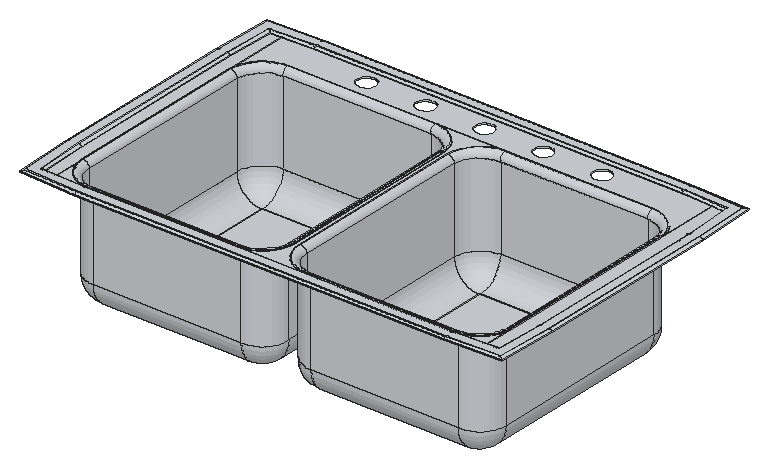
Revit family "LR3321", category Plumbing Fixtures, Revit 2019
Family settings
  Round Connector Dimension = Use Diameter
  Part Type = Normal
  OmniClass Number = 23.45.05.14.14
  OmniClass Title = Sinks/Lavatories
  Work Plane-Based = No
  Always vertical = Yes
  Cut with Voids When Loaded = No
  Shared = No
  Room Calculation Point = No
Parameters (values of type "LR33215")
  URL = "www.elkayusa.com"
  Specification Sheet URL = "http://www.elkayusa.com/cps/rde/xbcr/elkay/01-62H_LR(Q)_LRAD(Q)_Double_Bowl.pdf"
  Sink Width = 1' - 9 1/4"  # constant formula
  Sink Material = none
  Sink Length = 2' - 9"  # constant formula
  Sink Ledge Sides Width = 0' - 2 3/8"  # constant formula
  Sink Ledge Front Width = 0' - 1 1/2"  # constant formula
  Sink Ledge Back Width = 0' - 3 3/4"  # constant formula
  Sink Depth = 0' - 7 7/8"  # constant formula
  Sink Bowl Formula = ((Sink Length - Sink Ledge Sides Width - Sink Ledge Sides Width - Partition Width) / 2)  # 1' - 1 1/2"
  Partition Width = 0' - 1 1/4"  # constant formula
  Model = "LR3321"
  Minimum Cabinet Width = "36\""
  Manufacturer = "Elkay Manufacturing"
  Installation Sheet URL = "http://www.elkayusa.com/cps/rde/xbcr/elkay/74180147.pdf"
  Hole 5 Top = 0' - 2"
  Hole 4 Top = 0' - 2"
  Hole 3 Top = 0' - 2"
  Hole 2 Top = 0' - 2"
  Hole 1 to 6 = 1' - 6"
  Hole 1 to 8 = 2' - 0"
  Hole 1 to 7 = 1' - 9"
  Hole 1 to 5 = 1' - 4"
  Hole 1 to 4 = 1' - 0"
  Hole 1 to 3 = 0' - 8"
  Hole 1 to 2 = 0' - 4"
  Hole 1 from CL = 0' - 8"
  Hole 1 Top = 0' - 2"
  Faucet Hole CL = 0' - 2 1/8"  # constant formula
  Drain Location = 0' - 8"  # constant formula
  Description = "Lustertone Double Bowl Sink"
  Deep Specification Sheet URL = "http://www.elkayusa.com/cps/rde/xbcr/elkay/01-19G_DLR(Q)_Double_Bowl.pdf"
  Custom Bowl = no
  Custom Bowl Length = ((Sink Length - Sink Ledge Sides Width - Sink Ledge Sides Width - Partition Width) / 2) - CL Sink to CL Partition  # 1' - 1 1/2"
  CL Sink to CL Partition = 0' - 0"
  Bowl Length = ((Sink Length - Sink Ledge Sides Width - Sink Ledge Sides Width - Partition Width) / 2)  # 1' - 1 1/2"
  Left Bowl Length = if(Custom Bowl, Custom Bowl Length, Sink Bowl Formula)  # 1' - 1 1/2"
  2D Hole 5 = Hole 5 Top = 0' 2"  # yes
  2D Hole 4 = Hole 4 Top = 0' 2"  # yes
  2D Hole 3 = Hole 3 Top = 0' 2"  # yes
  2D Hole 2 = Hole 2 Top = 0' 2"  # yes
  2D Hole 1 = Hole 1 Top = 0' 2"  # yes
Types (6): name | Hole 5 Top | Hole 4 Top | Hole 3 Top | Hole 2 Top | Hole 1 to 5 | Hole 1 from CL | 2D Hole 5 | 2D Hole 4 | 2D Hole 3 | 2D Hole 2
  LR33215 | 0' - 2" | 0' - 2" | 0' - 2" | 0' - 2" | 1' - 4" | 0' - 8" | yes | yes | yes | yes
  LR33214 | 0' - 1 1/2" | 0' - 2" | 0' - 2" | 0' - 2" | 1' - 3" | 0' - 4" | no | yes | yes | yes
  LR33213 | 0' - 1 1/2" | 0' - 1 1/2" | 0' - 2" | 0' - 2" | 1' - 3" | 0' - 4" | no | no | yes | yes
  LR3321MR2 | 0' - 1 1/2" | 0' - 1 1/2" | 0' - 1 1/2" | 0' - 2" | 1' - 3" | 0' - 0" | no | no | no | yes
  LR33212 | 0' - 1 1/2" | 0' - 1 1/2" | 0' - 1 1/2" | 0' - 2" | 1' - 3" | 0' - 2" | no | no | no | yes
  LR33211 | 0' - 1 1/2" | 0' - 1 1/2" | 0' - 1 1/2" | 0' - 1 1/2" | 1' - 3" | 0' - 0" | no | no | no | no
Reference planes (in)
  plane 1 "CL Sink Hole": y = 0
  plane 2 "Rim Top Outside Corner": z = 0.0015695
  plane 3 "Center (Left/Right)": x = 0
  plane 4 "Basin Edge Left": x = -14.125
  plane 5 "Basin Edge Right": x = 14.125
  plane 6 "Basin Edge Back": y = 8
  plane 7 "Basin Edge Front": y = -8
  plane 8 "Left": x = -16.5
  plane 9 "Right": x = 16.5
  plane 10 "Back": y = 11.75
  plane 11 "Front": y = -9.5
  plane 12 "Sink Angle Back Corner": y = 11.5792275
  plane 13 "Sink Angle Right Corner": x = 16.3267866
  plane 14 "Sink Angle Right": x = 12.5172067
  plane 15 "Sink Angle Back": y = 7.4648437
  plane 16 "Sink Angle Left": x = -12.515625
  plane 17 "Sink Angle Left Corner": x = -16.328125
  plane 18 "Sink Angle Front Corner": y = -9.328125
  plane 19 "Sink Angle Front": y = -5.2148438
  plane 20 "Sink Top Face Back Edge": y = 10.7219509
  plane 21 "Sink Top Face Front Edge": y = -8.4726563
  plane 22 "Sink Top Face Right Edge": x = 14.5976563
  plane 23 "Sink Top Face Left Edge": x = -14.5976562
  plane 24 "Sink Bowl Bottom (Top Face)": z = -7.7695312
  plane 25 "Faucet CL": y = 9.625
  plane 26 "Sink Top Piece Top Face": z = -0.0194305
  plane 27 "Sink Top Piece Bottom Face": z = -0.0819305
  plane 28 "Left Sink Bottom Piece Right Edge": x = -2.3125
  plane 29 "Top Void for Radius Back Edge": y = 5.5
  plane 30 "back ledge void radius": y = 8.4921875
  plane 31 "front ledge void radius": y = -8.4921875
  plane 32 "Top Radius Corner Prot": z = -0.4405305
  plane 33: z = -6.0820312
  plane 34 "Sink Bowl Bottom (Bottom Face)": z = -7.8320312
  plane 35 "Left Sink Bottom Piece Left Edge": x = -12.4375
  plane 36 "Sink Bottom Piece Right Edge": x = 12.4375
  plane 37 "Sink Bottom Piece Back Edge": y = 6.3125
  plane 38 "Sink Bottom Piece Front Edge": y = -6.3125
  plane 39 "Top Void for Radius Front Edge": y = -5
  plane 40 "Sink Top Locked Edge Right": x = 15.5625
  plane 41 "Sink Top Locked Edge Left": x = -15.5625
  plane 42 "Hole 1": x = -8
  plane 43 "Hole 2": x = -4
  plane 44 "Hole 3": x = 0
  plane 45 "Hole 4": x = 4
  plane 46 "Hole 5": x = 8
  plane 47 "Faucet Hole Void Bottoms": z = -1.9984305
  plane 48 "Hole 1 Top": z = 0.0015695
  plane 49 "Hole 2 Top": z = 0.0015695
  plane 50 "Hole 3 Top": z = 0.0015695
  plane 51 "Hole 4 Top": z = 0.0015695
  plane 52 "Hole 5 Top": z = 0.0015695
  plane 53 "Top": z = 0.1054687
  plane 54 "Insertion Plan for Sink - Bottom Outside Corner of Rim": z = -0.0524008
  plane 55 "Center (Front/Back)": y = 0
  plane 56 "CL PARTITION": x = 0
  plane 57 "LEFT BOWL RIGHT EDGE": x = -0.625
  plane 58 "RIGHT BOWL LEFT EDGE": x = 0.625
  plane 59 "Sink Bottom Piece Left Edge": x = 2.3125
  plane 60 "Left Bowl CL Drain": x = -7.375
  plane 61 "Right Bowl CL Drain": x = 7.375
  plane 62 "Left Partition Left Edge": x = -0.1328125
  plane 63 "Left Partition Right Edge": x = 0.1328125
Forms (in)
  Sweep 1, solid, material <- "Sink Material"
    path origin (0, 0, 0) x (1, 0, 0) y (0, 1, 0)
      loop
        line (12.5172067, 11.75) -> (-12.515625, 11.75) -> (-16.328125, 11.5792275) -> (-16.5, 7.4648437) -> (-16.5, -5.2148438) -> (-16.328125, -9.328125) -> (-12.515625, -9.5) -> (12.5172067, -9.5) -> (16.3267866, -9.328125) -> (16.5, -5.2148438) -> (16.5, 7.4648437) -> (16.3267866, 11.5792275) -> (12.5172067, 11.75)
    profile "profile-elkay-sink-rim-1 : profile-elkay-sink-rim-1" origin (0.0007909, 11.75, 0) x (0, -1, 0) y (0, 0, 1)
      loop
        line (0, 0) -> (0, -0.0524008) -> (0.2039181, 0.0577989) -> (0.8052651, 0.0577989) -> (1.0074493, -0.0709913) -> (1.0074493, -0.0163327) -> (0.841093, 0.0896347)
        arc (0.841093, 0.0896347) -> (0.8176388, 0.1002604) -> (0.7921483, 0.1038992) r 0.091102
        line (0.7921483, 0.1038992) -> (0.2153023, 0.1038992)
        arc (0.2153023, 0.1038992) -> (0.1929626, 0.1011179) -> (0.1719868, 0.0929438) r 0.0911081
        line (0.1719868, 0.0929438) -> (0, 0)
  Extrusion 2, solid, material <- "Sink Material"
    sketch origin (0, 0, 0) x (1, 0, 0) y (0, 1, 0)
      loop
        line (-14.5976562, 10.7219509) -> (-14.5976562, 5.5) -> (14.5976563, 5.5) -> (14.5976563, 10.7219509) -> (-14.5976562, 10.7219509)
    from -0.0819305 to -0.0194305
  Extrusion 3, void
    sketch origin (0, 0, 0) x (1, 0, 0) y (0, 1, 0)
      loop
        line (14.5976563, 5.5) -> (14.5976563, 6.1441505)
        arc (14.5976563, 6.1441505) -> (13.9099321, 7.8044634) -> (12.2496193, 8.4921875) r 2.348037
        line (12.2496193, 8.4921875) -> (-12.25, 8.4921875)
        arc (-12.25, 8.4921875) -> (-13.9100437, 7.8045749) -> (-14.5976562, 6.1445312) r 2.3476562
        line (-14.5976562, 6.1445312) -> (-14.5976562, 5.5) -> (14.5976563, 5.5)
    from -0.7469965 to 0.495879
  Extrusion 4, solid, material <- "Sink Material"
    sketch origin (0, 0, 0) x (1, 0, 0) y (0, 1, 0)
      loop
        line (-14.5976562, -5.2148438) -> (-14.5976562, -8.4726563) -> (14.5976563, -8.4726563) -> (14.5976563, -5.2148438) -> (-14.5976562, -5.2148438)
    from -0.0819305 to -0.0194305
  Extrusion 5, void
    sketch origin (0, 0, 0) x (1, 0, 0) y (0, 1, 0)
      loop
        line (-14.5976562, -5) -> (-14.5976562, -6.2107599)
        arc (-14.5976562, -6.2107599) -> (-13.9294416, -7.8239728) -> (-12.3162287, -8.4921875) r 2.2814276
        line (-12.3162287, -8.4921875) -> (12.3164063, -8.4921875)
        arc (12.3164063, -8.4921875) -> (13.9294936, -7.8240248) -> (14.5976562, -6.2109375) r 2.28125
        line (14.5976562, -6.2109375) -> (14.5976563, -5) -> (-14.5976562, -5)
    from -1.9984305 to 0.6466859
  Extrusion 6, solid, material <- "Sink Material"
    sketch origin (0, 0, 0) x (1, 0, 0) y (0, 1, 0)
      loop
        line (-15.5625, 10.7219509) -> (-15.5625, -8.4726563) -> (-14.5976562, -8.4726563) -> (-14.5976562, 10.7219509) -> (-15.5625, 10.7219509)
    from -0.0819305 to -0.0194305
  Extrusion 7, solid, material <- "Sink Material"
    sketch origin (0, 0, 0) x (1, 0, 0) y (0, 1, 0)
      loop
        line (14.5976563, 10.7219509) -> (14.5976563, -8.4726563) -> (15.5625, -8.4726563) -> (15.5625, 10.7219509) -> (14.5976563, 10.7219509)
    from -0.0819305 to -0.0194305
  Sweep 8, solid, material <- "Sink Material"
    path origin (-14.75, 0, -0.0194305) x (-1, 0, 0) y (0, -1, 0)
      loop
        line (-12.375, -8) -> (-2.375, -8)
        arc (-2.375, -8) -> (-1.1375631, -7.4874369) -> (-0.625, -6.25) r 1.75
        line (-0.625, -6.25) -> (-0.625, 6.25)
        arc (-0.625, 6.25) -> (-1.1375631, 7.4874369) -> (-2.375, 8) r 1.75
        line (-2.375, 8) -> (-12.375, 8)
        arc (-12.375, 8) -> (-13.6124369, 7.4874369) -> (-14.125, 6.25) r 1.75
        line (-14.125, 6.25) -> (-14.125, -6.25)
        arc (-14.125, -6.25) -> (-13.6124369, -7.4874369) -> (-12.375, -8) r 1.75
    profile "profile-elkay-sink-top corner : profile-elkay-sink-top corner" origin (-7.375, 8, -0.0194305) x (0, -1, 0) y (0, 0, 1)
      loop
        line (-0.4204811, 0) -> (-0.4921875, 0) -> (-0.4921875, -0.0461) -> (-0.4204811, -0.0461)
        arc (-0.4204811, -0.0461) -> (-0.1553161, -0.155935) -> (-0.0454811, -0.4211) r 0.375
        line (-0.0454811, -0.4211) -> (0.0006189, -0.4211)
        arc (0.0006189, -0.4211) -> (-0.1227185, -0.1233373) -> (-0.4204811, 0) r 0.4211
  Sweep 9, solid, material <- "Sink Material"
    path origin (-14.75, 0, -7.7695312) x (-1, 0, 0) y (0, -1, 0)
      loop
        line (-0.625, -6.25) -> (-0.625, 6.25)
        arc (-0.625, 6.25) -> (-1.1375631, 7.4874369) -> (-2.375, 8) r 1.75
        line (-2.375, 8) -> (-12.375, 8)
        arc (-12.375, 8) -> (-13.6124369, 7.4874369) -> (-14.125, 6.25) r 1.75
        line (-14.125, 6.25) -> (-14.125, -6.25)
        arc (-14.125, -6.25) -> (-13.6124369, -7.4874369) -> (-12.375, -8) r 1.75
        line (-12.375, -8) -> (-2.375, -8)
        arc (-2.375, -8) -> (-1.1375631, -7.4874369) -> (-0.625, -6.25) r 1.75
    profile "profile-elkay-sink-btm-crnr_1-6875 : profile-elkay-sink-btm-crnr_1-6875" origin (-14.125, 0, -7.7695312) x (1, 0, 0) y (0, 0, 1)
      loop
        line (1.6875, -0.0625) -> (1.6875, 0)
        arc (1.6875, 0) -> (0.4942573, 0.4942573) -> (0, 1.6875) r 1.6875
        line (0, 1.6875) -> (-0.0625, 1.6875)
        arc (-0.0625, 1.6875) -> (0.4500631, 0.4500631) -> (1.6875, -0.0625) r 1.75
  Extrusion 10, solid, material <- "Sink Material"
    sketch origin (0, 0, 0) x (1, 0, 0) y (0, 1, 0)
      loop
        line (-12.4375, 6.3125) -> (-12.4375, -6.3125) -> (-2.3125, -6.3125) -> (-2.3125, 6.3125) -> (-12.4375, 6.3125)
    from -7.8320312 to -7.7695312
  Extrusion 11, solid, material <- "Sink Material"
    sketch origin (-14.75, 0, 0) x (1, 0, 0) y (0, 1, 0)
      loop
        arc (2.375, 8) -> (1.1375631, 7.4874369) -> (0.625, 6.25) r 1.75
        line (0.625, 6.25) -> (0.625, -6.25)
        arc (0.625, -6.25) -> (1.1375631, -7.4874369) -> (2.375, -8) r 1.75
        line (2.375, -8) -> (12.375, -8)
        arc (12.375, -8) -> (13.6124369, -7.4874369) -> (14.125, -6.25) r 1.75
        line (14.125, -6.25) -> (14.125, 6.25)
        arc (14.125, 6.25) -> (13.6124369, 7.4874369) -> (12.375, 8) r 1.75
        line (12.375, 8) -> (2.375, 8)
      loop
        arc (2.375, 8.0625) -> (1.093369, 7.531631) -> (0.5625, 6.25) r 1.8125
        line (0.5625, 6.25) -> (0.5625, -6.25)
        arc (0.5625, -6.25) -> (1.093369, -7.531631) -> (2.375, -8.0625) r 1.8125
        line (2.375, -8.0625) -> (12.375, -8.0625)
        arc (12.375, -8.0625) -> (13.656631, -7.531631) -> (14.1875, -6.25) r 1.8125
        line (14.1875, -6.25) -> (14.1875, 6.25)
        arc (14.1875, 6.25) -> (13.656631, 7.531631) -> (12.375, 8.0625) r 1.8125
        line (12.375, 8.0625) -> (2.375, 8.0625)
    from -6.0820312 to -0.4405305
  Extrusion 12, void
    sketch origin (0, 0, 0) x (1, 0, 0) y (0, 1, 0)
      loop
        circle (-7.375, 0) r 2.5
    from -7.8320312 to -5.8320312
  Sweep 13, solid, material <- "Sink Material"
    path origin (-14.75, 0, -7.7695312) x (-1, 0, 0) y (0, -1, 0)
      loop
        circle (-7.375, 0) r 2.501635
    profile "profile-elkay-sink-hole-1 : profile-elkay-sink-hole-1" origin (-7.375, -2.501635, -7.7695312) x (0, 1, 0) y (0, 0, 1)
      loop
        line (0.5785343, -0.3269365) -> (0.1564602, -0.1343744)
        arc (0.1564602, -0.1343744) -> (0.1424945, -0.125589) -> (0.1313144, -0.1134552) r 0.0625
        line (0.1313144, -0.1134552) -> (0.0881719, -0.0522605)
        arc (0.0881719, -0.0522605) -> (0.0506391, -0.015074) -> (0, 0) r 0.1086
        line (0, 0) -> (0, -0.0461763)
        arc (0, -0.0461763) -> (0.0262058, -0.0541921) -> (0.0464633, -0.0726482) r 0.0625
        line (0.0464633, -0.0726482) -> (0.093406, -0.1396891)
        arc (0.093406, -0.1396891) -> (0.1129384, -0.1609677) -> (0.1373891, -0.176345) r 0.1086
        line (0.1373891, -0.176345) -> (0.5785343, -0.3776079) -> (0.5785343, -0.3269365)
  Sweep 14, solid, material <- "Sink Material"
    path origin (14.75, 0, -0.0194305) x (-1, 0, 0) y (0, -1, 0)
      loop
        line (2.375, -8) -> (12.375, -8)
        arc (12.375, -8) -> (13.6124369, -7.4874369) -> (14.125, -6.25) r 1.75
        line (14.125, -6.25) -> (14.125, 6.25)
        arc (14.125, 6.25) -> (13.6124369, 7.4874369) -> (12.375, 8) r 1.75
        line (12.375, 8) -> (2.375, 8)
        arc (2.375, 8) -> (1.1375631, 7.4874369) -> (0.625, 6.25) r 1.75
        line (0.625, 6.25) -> (0.625, -6.25)
        arc (0.625, -6.25) -> (1.1375631, -7.4874369) -> (2.375, -8) r 1.75
    profile "profile-elkay-sink-top corner : profile-elkay-sink-top corner" origin (7.375, 8, -0.0194305) x (0, -1, 0) y (0, 0, 1)
      loop
        line (-0.4204811, 0) -> (-0.4921875, 0) -> (-0.4921875, -0.0461) -> (-0.4204811, -0.0461)
        arc (-0.4204811, -0.0461) -> (-0.1553161, -0.155935) -> (-0.0454811, -0.4211) r 0.375
        line (-0.0454811, -0.4211) -> (0.0006189, -0.4211)
        arc (0.0006189, -0.4211) -> (-0.1227185, -0.1233373) -> (-0.4204811, 0) r 0.4211
  Sweep 15, solid, material <- "Sink Material"
    path origin (14.75, 0, -7.7695312) x (-1, 0, 0) y (0, -1, 0)
      loop
        line (14.125, -6.25) -> (14.125, 6.25)
        arc (14.125, 6.25) -> (13.6124369, 7.4874369) -> (12.375, 8) r 1.75
        line (12.375, 8) -> (2.375, 8)
        arc (2.375, 8) -> (1.1375631, 7.4874369) -> (0.625, 6.25) r 1.75
        line (0.625, 6.25) -> (0.625, -6.25)
        arc (0.625, -6.25) -> (1.1375631, -7.4874369) -> (2.375, -8) r 1.75
        line (2.375, -8) -> (12.375, -8)
        arc (12.375, -8) -> (13.6124369, -7.4874369) -> (14.125, -6.25) r 1.75
    profile "profile-elkay-sink-btm-crnr_1-6875 : profile-elkay-sink-btm-crnr_1-6875" origin (0.625, 0, -7.7695312) x (1, 0, 0) y (0, 0, 1)
      loop
        line (1.6875, -0.0625) -> (1.6875, 0)
        arc (1.6875, 0) -> (0.4942573, 0.4942573) -> (0, 1.6875) r 1.6875
        line (0, 1.6875) -> (-0.0625, 1.6875)
        arc (-0.0625, 1.6875) -> (0.4500631, 0.4500631) -> (1.6875, -0.0625) r 1.75
  Extrusion 16, solid, material <- "Sink Material"
    sketch origin (14.75, 0, 0) x (1, 0, 0) y (0, 1, 0)
      loop
        arc (-12.375, 8) -> (-13.6124369, 7.4874369) -> (-14.125, 6.25) r 1.75
        line (-14.125, 6.25) -> (-14.125, -6.25)
        arc (-14.125, -6.25) -> (-13.6124369, -7.4874369) -> (-12.375, -8) r 1.75
        line (-12.375, -8) -> (-2.375, -8)
        arc (-2.375, -8) -> (-1.1375631, -7.4874369) -> (-0.625, -6.25) r 1.75
        line (-0.625, -6.25) -> (-0.625, 6.25)
        arc (-0.625, 6.25) -> (-1.1375631, 7.4874369) -> (-2.375, 8) r 1.75
        line (-2.375, 8) -> (-12.375, 8)
      loop
        arc (-12.375, 8.0625) -> (-13.656631, 7.531631) -> (-14.1875, 6.25) r 1.8125
        line (-14.1875, 6.25) -> (-14.1875, -6.25)
        arc (-14.1875, -6.25) -> (-13.656631, -7.531631) -> (-12.375, -8.0625) r 1.8125
        line (-12.375, -8.0625) -> (-2.375, -8.0625)
        arc (-2.375, -8.0625) -> (-1.093369, -7.531631) -> (-0.5625, -6.25) r 1.8125
        line (-0.5625, -6.25) -> (-0.5625, 6.25)
        arc (-0.5625, 6.25) -> (-1.093369, 7.531631) -> (-2.375, 8.0625) r 1.8125
        line (-2.375, 8.0625) -> (-12.375, 8.0625)
    from -6.0820312 to -0.4405305
  Extrusion 17, solid, material <- "Sink Material"
    sketch origin (0, 0, 0) x (1, 0, 0) y (0, 1, 0)
      loop
        line (2.3125, 6.3125) -> (2.3125, -6.3125) -> (12.4375, -6.3125) -> (12.4375, 6.3125) -> (2.3125, 6.3125)
    from -7.8320312 to -7.7695312
  Extrusion 18, void
    sketch origin (0, 0, 0) x (1, 0, 0) y (0, 1, 0)
      loop
        circle (7.375, 0) r 2.5
    from -7.8320312 to -6.0820312
  Sweep 19, solid, material <- "Sink Material"
    path origin (14.75, 0, -7.7695312) x (-1, 0, 0) y (0, -1, 0)
      loop
        circle (7.375, 0) r 2.501635
    profile "profile-elkay-sink-hole-1 : profile-elkay-sink-hole-1" origin (7.375, -2.501635, -7.7695312) x (0, 1, 0) y (0, 0, 1)
      loop
        line (0.5785343, -0.3269365) -> (0.1564602, -0.1343744)
        arc (0.1564602, -0.1343744) -> (0.1424945, -0.125589) -> (0.1313144, -0.1134552) r 0.0625
        line (0.1313144, -0.1134552) -> (0.0881719, -0.0522605)
        arc (0.0881719, -0.0522605) -> (0.0506391, -0.015074) -> (0, 0) r 0.1086
        line (0, 0) -> (0, -0.0461763)
        arc (0, -0.0461763) -> (0.0262058, -0.0541921) -> (0.0464633, -0.0726482) r 0.0625
        line (0.0464633, -0.0726482) -> (0.093406, -0.1396891)
        arc (0.093406, -0.1396891) -> (0.1129384, -0.1609677) -> (0.1373891, -0.176345) r 0.1086
        line (0.1373891, -0.176345) -> (0.5785343, -0.3776079) -> (0.5785343, -0.3269365)
  Extrusion 20, void
    sketch origin (0, 0, 0) x (1, 0, 0) y (0, 1, 0)
      loop
        circle (-8, 9.625) r 0.625
    from -1.9984305 to 0.0015695
  Extrusion 21, void
    sketch origin (0, 0, 0) x (1, 0, 0) y (0, 1, 0)
      loop
        circle (-4, 9.625) r 0.625
    from -1.9984305 to 0.0015695
  Extrusion 22, void
    sketch origin (0, 0, 0) x (1, 0, 0) y (0, 1, 0)
      loop
        circle (0, 9.625) r 0.625
    from -1.9984305 to 0.0015695
  Extrusion 23, void
    sketch origin (0, 0, 0) x (1, 0, 0) y (0, 1, 0)
      loop
        circle (4, 9.625) r 0.625
    from -1.9984305 to 0.0015695
  Extrusion 24, void
    sketch origin (0, 0, 0) x (1, 0, 0) y (0, 1, 0)
      loop
        circle (8, 9.625) r 0.625
    from -1.9984305 to 0.0015695
  Extrusion 25, solid, material <- "Sink Material"
    sketch origin (0, 0, 0) x (1, 0, 0) y (0, 1, 0)
      loop
        arc (-2.375, 8.4921875) -> (-0.789534, 7.835466) -> (-0.1328125, 6.25) r 2.2421875
        line (-0.1328125, 6.25) -> (-0.1328125, -6.25)
        arc (-0.1328125, -6.25) -> (-0.789534, -7.835466) -> (-2.375, -8.4921875) r 2.2421875
        line (-2.375, -8.4921875) -> (2.375, -8.4921875)
        arc (2.375, -8.4921875) -> (0.789534, -7.835466) -> (0.1328125, -6.25) r 2.2421875
        line (0.1328125, -6.25) -> (0.1328125, 6.25)
        arc (0.1328125, 6.25) -> (0.789534, 7.835466) -> (2.375, 8.4921875) r 2.2421875
        line (2.375, 8.4921875) -> (-2.375, 8.4921875)
    from -0.0819305 to -0.0194305
Cuts and joins
  Extrusion 3, Extrusion 12, Extrusion 18, Extrusion 20, Extrusion 21, Extrusion 22, Extrusion 23, Extrusion 24 cuts Sweep 1
  Extrusion 3, Extrusion 20, Extrusion 21, Extrusion 22, Extrusion 23, Extrusion 24 cuts Extrusion 2
  Extrusion 5 cuts Extrusion 4
  Extrusion 12 cuts Extrusion 10
  Extrusion 18 cuts Extrusion 17
Lines and regions (in)
  reference lines
    curve 1: line (12.5172067, 11.75, 0) -> (16.3267866, 11.5792275, 0)
    curve 2: line (16.3267866, 11.5792275, 0) -> (16.5, 7.4648437, 0)
    curve 3: line (-12.515625, 11.75, 0) -> (-16.328125, 11.5792275, 0)
    curve 4: line (-16.328125, 11.5792275, 0) -> (-16.5, 7.4648437, 0)
    curve 5: line (-16.5, -5.2148438, 0) -> (-16.328125, -9.328125, 0)
    curve 6: line (-16.328125, -9.328125, 0) -> (-12.515625, -9.5, 0)
    curve 7: line (16.5, -5.2148438, 0) -> (16.3267866, -9.328125, 0)
    curve 8: line (16.3267866, -9.328125, 0) -> (12.5172067, -9.5, 0)
Dimensions and locks (in)
  "Sink Ledge Sides Width": plane 8 "Left" to plane 4 "Basin Edge Left"
  "Sink Ledge Sides Width": plane 5 "Basin Edge Right" to plane 9 "Right"
  "Sink Length": plane 8 "Left" to plane 9 "Right"
  "Drain Location": plane 6 "Basin Edge Back" to plane 1 "CL Sink Hole"
  "Sink Ledge Back Width": plane 10 "Back" to plane 6 "Basin Edge Back"
  "Sink Ledge Front Width": plane 7 "Basin Edge Front" to plane 11 "Front"
  locked: plane 13 "Sink Angle Right Corner" to plane 9 "Right" at 0.1732134
  locked: plane 10 "Back" to plane 12 "Sink Angle Back Corner" at 0.1707725
  locked: plane 14 "Sink Angle Right" to plane 9 "Right" at 3.9827933
  locked: plane 10 "Back" to plane 15 "Sink Angle Back" at 4.2851562
  locked: plane 8 "Left" to plane 17 "Sink Angle Left Corner" at 0.171875
  locked: plane 8 "Left" to plane 16 "Sink Angle Left" at 3.984375
  locked: plane 18 "Sink Angle Front Corner" to plane 11 "Front" at 0.171875
  locked: plane 19 "Sink Angle Front" to plane 11 "Front" at 4.2851562
  "Sink Width": plane 10 "Back" to plane 11 "Front"
  locked: plane 10 "Back" to plane 20 "Sink Top Face Back Edge" at 1.0280491
  locked: plane 21 "Sink Top Face Front Edge" to plane 11 "Front" at 1.0273438
  locked: plane 23 "Sink Top Face Left Edge" to plane 4 "Basin Edge Left" at 0.4726562
  "Sink Depth": plane 53 "Top" to plane 24 "Sink Bowl Bottom (Top Face)"
  "Faucet Hole CL": plane 10 "Back" to plane 25 "Faucet CL"
  locked: plane 2 "Rim Top Outside Corner" to plane 26 "Sink Top Piece Top Face" at 0.021
  locked: plane 26 "Sink Top Piece Top Face" to plane 27 "Sink Top Piece Bottom Face" at 0.0625
  locked: plane 6 "Basin Edge Back" to plane 29 "Top Void for Radius Back Edge" at 2.5
  locked: plane 30 "back ledge void radius" to plane 29 "Top Void for Radius Back Edge" at 2.9921875
  locked: plane 39 "Top Void for Radius Front Edge" to plane 31 "front ledge void radius" at 3.4921875
  locked: plane 2 "Rim Top Outside Corner" to plane 32 "Top Radius Corner Prot" at 0.4421
  locked: plane 33 to plane 24 "Sink Bowl Bottom (Top Face)" at 1.6875
  locked: plane 24 "Sink Bowl Bottom (Top Face)" to plane 34 "Sink Bowl Bottom (Bottom Face)" at 0.0625
  locked: plane 38 "Sink Bottom Piece Front Edge" to plane 7 "Basin Edge Front" at 1.6875
  locked: plane 4 "Basin Edge Left" to plane 35 "Left Sink Bottom Piece Left Edge" at 1.6875
  locked: plane 36 "Sink Bottom Piece Right Edge" to plane 5 "Basin Edge Right" at 1.6875
  locked: plane 6 "Basin Edge Back" to plane 37 "Sink Bottom Piece Back Edge" at 1.6875
  locked: plane 39 "Top Void for Radius Front Edge" to plane 7 "Basin Edge Front" at 3
  locked: plane 5 "Basin Edge Right" to plane 22 "Sink Top Face Right Edge" at 0.4726562
  locked: Extrusion 3 sketch curve to plane 5 "Basin Edge Right" at 1.8753807
  locked: plane 6 "Basin Edge Back" to Extrusion 3 sketch curve at 1.8558495
  locked: plane 4 "Basin Edge Left" to Extrusion 3 sketch curve at 1.875
  locked: plane 6 "Basin Edge Back" to Extrusion 3 sketch curve at 1.8554688
  locked: plane 4 "Basin Edge Left" to Extrusion 5 sketch curve at 1.8087713
  locked: Extrusion 5 sketch curve to plane 5 "Basin Edge Right" at 1.8085938
  locked: Extrusion 5 sketch curve to plane 7 "Basin Edge Front" at 1.7892401
  locked: Extrusion 5 sketch curve to plane 7 "Basin Edge Front" at 1.7890625
  locked: plane 40 "Sink Top Locked Edge Right" to plane 9 "Right" at 0.9375
  locked: plane 8 "Left" to plane 41 "Sink Top Locked Edge Left" at 0.9375
  "Hole 1 from CL": plane 42 "Hole 1" to plane 3 "Center (Left/Right)"
  "Hole 1 to 2": plane 42 "Hole 1" to plane 43 "Hole 2"
  "Hole 1 to 3": plane 42 "Hole 1" to plane 44 "Hole 3"
  "Hole 1 to 4": plane 42 "Hole 1" to plane 45 "Hole 4"
  "Hole 1 to 5": plane 42 "Hole 1" to plane 46 "Hole 5"
  locked: plane 2 "Rim Top Outside Corner" to plane 47 "Faucet Hole Void Bottoms" at 2
  "Hole 1 Top": plane 48 "Hole 1 Top" to plane 47 "Faucet Hole Void Bottoms"
  "Hole 2 Top": plane 49 "Hole 2 Top" to plane 47 "Faucet Hole Void Bottoms"
  "Hole 3 Top": plane 50 "Hole 3 Top" to plane 47 "Faucet Hole Void Bottoms"
  "Hole 4 Top": plane 51 "Hole 4 Top" to plane 47 "Faucet Hole Void Bottoms"
  "Hole 5 Top": plane 52 "Hole 5 Top" to plane 47 "Faucet Hole Void Bottoms"
  locked: plane 53 "Top" to plane 2 "Rim Top Outside Corner" at 0.1038992
  locked: plane 53 "Top" to plane 54 "Insertion Plan for Sink - Bottom Outside Corner of Rim" at 0.1578695
  equal spacing: plane 6 "Basin Edge Back", plane 55 "Center (Front/Back)", plane 7 "Basin Edge Front"
  locked: plane 28 "Left Sink Bottom Piece Right Edge" to plane 57 "LEFT BOWL RIGHT EDGE" at 1.6875
  locked: plane 58 "RIGHT BOWL LEFT EDGE" to plane 59 "Sink Bottom Piece Left Edge" at 1.6875
  locked: plane 6 "Basin Edge Back" to Sweep 8 sketch curve at 1.75  (x2)
  locked: plane 4 "Basin Edge Left" to Sweep 8 sketch curve at 1.75  (x2)
  locked: Sweep 8 sketch curve to plane 57 "LEFT BOWL RIGHT EDGE" at 1.75  (x2)
  locked: Sweep 8 sketch curve to plane 7 "Basin Edge Front" at 1.75  (x2)
  equal spacing: plane 8 "Left", plane 3 "Center (Left/Right)", plane 9 "Right"
  equal spacing: plane 4 "Basin Edge Left", plane 60 "Left Bowl CL Drain", plane 57 "LEFT BOWL RIGHT EDGE"
  equal spacing: plane 58 "RIGHT BOWL LEFT EDGE", plane 61 "Right Bowl CL Drain", plane 5 "Basin Edge Right"
  locked: plane 4 "Basin Edge Left" to Sweep 9 sketch curve at 1.75  (x2)
  locked: Sweep 9 sketch curve to plane 57 "LEFT BOWL RIGHT EDGE" at 1.75  (x2)
  locked: plane 6 "Basin Edge Back" to Sweep 9 sketch curve at 1.75  (x2)
  locked: Sweep 9 sketch curve to plane 7 "Basin Edge Front" at 1.75  (x2)
  locked: plane 6 "Basin Edge Back" to Extrusion 11 sketch curve at 1.75  (x2)
  locked: plane 4 "Basin Edge Left" to Extrusion 11 sketch curve at 1.75  (x2)
  locked: Extrusion 11 sketch curve to plane 57 "LEFT BOWL RIGHT EDGE" at 1.75  (x2)
  locked: Extrusion 11 sketch curve to plane 7 "Basin Edge Front" at 1.75  (x2)
  locked: plane 58 "RIGHT BOWL LEFT EDGE" to Sweep 14 sketch curve at 1.75  (x2)
  locked: Sweep 14 sketch curve to plane 5 "Basin Edge Right" at 1.75  (x2)
  locked: plane 6 "Basin Edge Back" to Sweep 14 sketch curve at 1.75  (x2)
  locked: Sweep 14 sketch curve to plane 7 "Basin Edge Front" at 1.75  (x2)
  locked: Sweep 15 sketch curve to plane 5 "Basin Edge Right" at 1.75  (x2)
  locked: Sweep 15 sketch curve to plane 7 "Basin Edge Front" at 1.75  (x2)
  locked: plane 58 "RIGHT BOWL LEFT EDGE" to Sweep 15 sketch curve at 1.75  (x2)
  locked: plane 6 "Basin Edge Back" to Sweep 15 sketch curve at 1.75  (x2)
  locked: plane 58 "RIGHT BOWL LEFT EDGE" to Extrusion 16 sketch curve at 1.75  (x2)
  locked: Extrusion 16 sketch curve to plane 5 "Basin Edge Right" at 1.75  (x2)
  locked: Extrusion 16 sketch curve to plane 7 "Basin Edge Front" at 1.75  (x2)
  locked: plane 6 "Basin Edge Back" to Extrusion 16 sketch curve at 1.75  (x2)
  plane 8 "Left" to plane 42 "Hole 1" = 0' - 8 1/2"
  locked: Extrusion 25 sketch curve to plane 57 "LEFT BOWL RIGHT EDGE" at 1.75  (x2)
  locked: plane 6 "Basin Edge Back" to Extrusion 25 sketch curve at 1.75  (x2)
  locked: Extrusion 25 sketch curve to plane 31 "front ledge void radius" at 2.2421875  (x2)
  plane 62 "Left Partition Left Edge" to plane 56 "CL PARTITION" to plane 63 "Left Partition Right Edge" = 0' - 0 17/128" locked, 0' - 0 17/128" locked
  "CL Sink to CL Partition": plane 56 "CL PARTITION" to plane 3 "Center (Left/Right)"
  "Partition Width": plane 57 "LEFT BOWL RIGHT EDGE" to plane 58 "RIGHT BOWL LEFT EDGE"
  equal spacing: plane 57 "LEFT BOWL RIGHT EDGE", plane 56 "CL PARTITION", plane 58 "RIGHT BOWL LEFT EDGE"
  locked: plane 58 "RIGHT BOWL LEFT EDGE" to Extrusion 25 sketch curve at 1.75  (x2)
  aligned and locked: plane 9 "Right" to Sweep 1 sketch curve
  aligned and locked: plane 10 "Back" to Sweep 1 sketch curve
  aligned and locked: Sweep 1 sketch curve to plane 8 "Left"
  aligned and locked: Sweep 1 sketch curve to plane 11 "Front"
  aligned and locked: Sweep 1 sketch curve to curve 7
  aligned and locked: Sweep 1 sketch curve to curve 8
  aligned and locked: Sweep 1 sketch curve to curve 6
  aligned and locked: Sweep 1 sketch curve to curve 5
  aligned and locked: Sweep 1 sketch curve to curve 4
  aligned and locked: Sweep 1 sketch curve to curve 3
  aligned and locked: Sweep 1 sketch curve to curve 1
  aligned and locked: Sweep 1 sketch curve to curve 2
  aligned and locked: plane 29 "Top Void for Radius Back Edge" to Extrusion 2 sketch curve
  aligned and locked: plane 23 "Sink Top Face Left Edge" to Extrusion 2 sketch curve
  aligned and locked: Extrusion 2 sketch curve to plane 22 "Sink Top Face Right Edge"
  aligned and locked: Extrusion 2 sketch curve to plane 20 "Sink Top Face Back Edge"
  aligned and locked: Extrusion 2 to plane 27 "Sink Top Piece Bottom Face"
  aligned and locked: plane 23 "Sink Top Face Left Edge" to Extrusion 3 sketch curve
  aligned and locked: Extrusion 3 sketch curve to plane 22 "Sink Top Face Right Edge"
  aligned and locked: plane 29 "Top Void for Radius Back Edge" to Extrusion 3 sketch curve
  aligned and locked: plane 26 "Sink Top Piece Top Face" to Extrusion 2
  aligned and locked: Extrusion 3 sketch curve to plane 30 "back ledge void radius"
  aligned and locked: plane 23 "Sink Top Face Left Edge" to Extrusion 4 sketch curve
  aligned and locked: Extrusion 4 sketch curve to plane 19 "Sink Angle Front"
  aligned and locked: plane 21 "Sink Top Face Front Edge" to Extrusion 4 sketch curve
  aligned and locked: Extrusion 4 sketch curve to plane 22 "Sink Top Face Right Edge"
  aligned and locked: plane 26 "Sink Top Piece Top Face" to Extrusion 4
  aligned and locked: Extrusion 4 to plane 27 "Sink Top Piece Bottom Face"
  aligned and locked: Extrusion 5 sketch curve to plane 22 "Sink Top Face Right Edge"
  aligned and locked: plane 23 "Sink Top Face Left Edge" to Extrusion 5 sketch curve
  aligned and locked: plane 31 "front ledge void radius" to Extrusion 5 sketch curve
  aligned and locked: Extrusion 5 sketch curve to plane 39 "Top Void for Radius Front Edge"
  aligned and locked: plane 41 "Sink Top Locked Edge Left" to Extrusion 6 sketch curve
  aligned and locked: Extrusion 6 sketch curve to plane 23 "Sink Top Face Left Edge"
  aligned and locked: Extrusion 6 to plane 27 "Sink Top Piece Bottom Face"
  aligned and locked: plane 26 "Sink Top Piece Top Face" to Extrusion 6
  aligned and locked: plane 20 "Sink Top Face Back Edge" to Extrusion 6
  aligned and locked: Extrusion 6 to plane 21 "Sink Top Face Front Edge"
  aligned and locked: Extrusion 7 sketch curve to plane 20 "Sink Top Face Back Edge"
  aligned and locked: plane 22 "Sink Top Face Right Edge" to Extrusion 7 sketch curve
  aligned and locked: plane 21 "Sink Top Face Front Edge" to Extrusion 7 sketch curve
  aligned and locked: plane 40 "Sink Top Locked Edge Right" to Extrusion 7 sketch curve
  aligned and locked: plane 27 "Sink Top Piece Bottom Face" to Extrusion 7
  aligned and locked: plane 26 "Sink Top Piece Top Face" to Extrusion 7
  aligned and locked: Extrusion 5 to plane 47 "Faucet Hole Void Bottoms"
  aligned and locked: Sweep 8 sketch curve to plane 4 "Basin Edge Left"
  aligned and locked: Sweep 8 sketch curve to plane 57 "LEFT BOWL RIGHT EDGE"
  aligned and locked: Sweep 9 sketch curve to plane 57 "LEFT BOWL RIGHT EDGE"
  aligned and locked: Sweep 9 sketch curve to plane 6 "Basin Edge Back"
  aligned and locked: Sweep 9 sketch curve to plane 7 "Basin Edge Front"
  aligned and locked: plane 35 "Left Sink Bottom Piece Left Edge" to Extrusion 10 sketch curve
  aligned and locked: Extrusion 10 sketch curve to plane 28 "Left Sink Bottom Piece Right Edge"
  aligned and locked: plane 38 "Sink Bottom Piece Front Edge" to Extrusion 10 sketch curve
  aligned and locked: Extrusion 10 sketch curve to plane 37 "Sink Bottom Piece Back Edge"
  aligned and locked: Extrusion 10 to plane 34 "Sink Bowl Bottom (Bottom Face)"
  aligned and locked: plane 24 "Sink Bowl Bottom (Top Face)" to Extrusion 10
  aligned and locked: plane 4 "Basin Edge Left" to Extrusion 11 sketch curve
  aligned and locked: plane 7 "Basin Edge Front" to Extrusion 11 sketch curve
  aligned and locked: Extrusion 11 sketch curve to plane 57 "LEFT BOWL RIGHT EDGE"
  aligned and locked: Extrusion 11 sketch curve to plane 6 "Basin Edge Back"
  aligned and locked: plane 32 "Top Radius Corner Prot" to Extrusion 11
  aligned and locked: Extrusion 12 to plane 34 "Sink Bowl Bottom (Bottom Face)"
  aligned and locked: Sweep 14 sketch curve to plane 7 "Basin Edge Front"
  aligned and locked: Sweep 14 sketch curve to plane 5 "Basin Edge Right"
  aligned and locked: Sweep 14 sketch curve to plane 58 "RIGHT BOWL LEFT EDGE"
  aligned and locked: Sweep 15 sketch curve to plane 58 "RIGHT BOWL LEFT EDGE"
  aligned and locked: Sweep 15 sketch curve to plane 5 "Basin Edge Right"
  aligned and locked: Sweep 15 sketch curve to plane 7 "Basin Edge Front"
  aligned and locked: plane 32 "Top Radius Corner Prot" to Extrusion 16
  aligned and locked: plane 59 "Sink Bottom Piece Left Edge" to Extrusion 17 sketch curve
  aligned and locked: Extrusion 17 sketch curve to plane 36 "Sink Bottom Piece Right Edge"
  aligned and locked: plane 38 "Sink Bottom Piece Front Edge" to Extrusion 17 sketch curve
  aligned and locked: Extrusion 17 sketch curve to plane 37 "Sink Bottom Piece Back Edge"
  aligned: Extrusion 17 to plane 24 "Sink Bowl Bottom (Top Face)"
  aligned and locked: Extrusion 17 to plane 34 "Sink Bowl Bottom (Bottom Face)"
  aligned and locked: plane 24 "Sink Bowl Bottom (Top Face)" to Extrusion 17
  aligned and locked: Extrusion 18 to plane 34 "Sink Bowl Bottom (Bottom Face)"
  aligned and locked: plane 33 to Extrusion 18
  aligned and locked: plane 58 "RIGHT BOWL LEFT EDGE" to Extrusion 16 sketch curve
  aligned and locked: Extrusion 20 to plane 47 "Faucet Hole Void Bottoms"
  aligned and locked: Extrusion 21 to plane 47 "Faucet Hole Void Bottoms"
  aligned and locked: Extrusion 22 to plane 47 "Faucet Hole Void Bottoms"
  aligned and locked: Extrusion 23 to plane 47 "Faucet Hole Void Bottoms"
  aligned and locked: Extrusion 24 to plane 47 "Faucet Hole Void Bottoms"
  aligned and locked: Extrusion 20 to plane 48 "Hole 1 Top"
  aligned and locked: Extrusion 21 to plane 49 "Hole 2 Top"
  aligned and locked: Extrusion 22 to plane 50 "Hole 3 Top"
  aligned and locked: Extrusion 23 to plane 51 "Hole 4 Top"
  aligned and locked: plane 52 "Hole 5 Top" to Extrusion 24
  aligned and locked: plane 30 "back ledge void radius" to Extrusion 25 sketch curve
  aligned and locked: plane 31 "front ledge void radius" to Extrusion 25 sketch curve
  aligned and locked: Extrusion 25 sketch curve to plane 63 "Left Partition Right Edge"
  aligned and locked: plane 62 "Left Partition Left Edge" to Extrusion 25 sketch curve
  aligned and locked: Extrusion 25 to plane 27 "Sink Top Piece Bottom Face"
  aligned and locked: plane 26 "Sink Top Piece Top Face" to Extrusion 25
  aligned and locked: Extrusion 11 to plane 33
  aligned and locked: Extrusion 16 to plane 33
Automatic sketch dimensions
  curve 4 to plane 8 "Left" = 0' - 0"
  curve 5 to plane 8 "Left" = 0' - 0"
  curve 5 to plane 17 "Sink Angle Left Corner" = 0' - 0"
  curve 4 to plane 12 "Sink Angle Back Corner" = 0' - 0"
  curve 4 to plane 17 "Sink Angle Left Corner" = 0' - 0"
  curve 3 to plane 10 "Back" = 0' - 0"
  curve 3 to plane 16 "Sink Angle Left" = 0' - 0"
  curve 6 to plane 11 "Front" = 0' - 0"
  curve 6 to plane 16 "Sink Angle Left" = 0' - 0"
  curve 1 to plane 10 "Back" = 0' - 0"
  curve 1 to plane 14 "Sink Angle Right" = 0' - 0"
  curve 8 to plane 11 "Front" = 0' - 0"
  curve 8 to plane 14 "Sink Angle Right" = 0' - 0"
  curve 1 to plane 12 "Sink Angle Back Corner" = 0' - 0"
  curve 1 to plane 13 "Sink Angle Right Corner" = 0' - 0"
  curve 8 to plane 13 "Sink Angle Right Corner" = 0' - 0"
  curve 7 to plane 9 "Right" = 0' - 0"
  curve 2 to plane 9 "Right" = 0' - 0"
  curve 5 to plane 18 "Sink Angle Front Corner" = 0' - 0"
  curve 7 to plane 18 "Sink Angle Front Corner" = 0' - 0"
  curve 7 to plane 19 "Sink Angle Front" = 0' - 0"
  curve 5 to plane 19 "Sink Angle Front" = 0' - 0"
  curve 2 to plane 15 "Sink Angle Back" = 0' - 0"
  curve 4 to plane 15 "Sink Angle Back" = 0' - 0"
  Extrusion 6 sketch curve to plane 21 "Sink Top Face Front Edge" = 0' - 0"
  Extrusion 6 sketch curve to plane 20 "Sink Top Face Back Edge" = 0' - 0"
  Extrusion 11 sketch curve to Extrusion 11 sketch curve = 0' - 0"  (x7)
  Extrusion 11 sketch curve to Extrusion 11 sketch curve = 0' - 0 1/16"
  plane 1 "CL Sink Hole" to Extrusion 12 sketch curve = 0' - 0"
  Extrusion 12 sketch curve to plane 60 "Left Bowl CL Drain" = 0' - 0"
  plane 1 "CL Sink Hole" to Sweep 13 sketch curve = 0' - 0"
  Sweep 13 sketch curve to plane 60 "Left Bowl CL Drain" = 0' - 0"
  plane 1 "CL Sink Hole" to Extrusion 18 sketch curve = 0' - 0"
  Extrusion 18 sketch curve to plane 61 "Right Bowl CL Drain" = 0' - 0"
  Sweep 19 sketch curve to plane 1 "CL Sink Hole" = 0' - 0"
  plane 61 "Right Bowl CL Drain" to Sweep 19 sketch curve = 0' - 0"
  Extrusion 16 sketch curve to Extrusion 16 sketch curve = 0' - 0"  (x7)
  Extrusion 16 sketch curve to plane 7 "Basin Edge Front" = 0' - 0 1/16"
  Extrusion 20 sketch curve to plane 25 "Faucet CL" = 0' - 0"
  Extrusion 20 sketch curve to plane 42 "Hole 1" = 0' - 0"
  Extrusion 21 sketch curve to plane 25 "Faucet CL" = 0' - 0"
  Extrusion 21 sketch curve to plane 43 "Hole 2" = 0' - 0"
  Extrusion 22 sketch curve to plane 25 "Faucet CL" = 0' - 0"
  Extrusion 22 sketch curve to plane 44 "Hole 3" = 0' - 0"
  Extrusion 23 sketch curve to plane 25 "Faucet CL" = 0' - 0"
  Extrusion 23 sketch curve to plane 45 "Hole 4" = 0' - 0"
  Extrusion 24 sketch curve to plane 25 "Faucet CL" = 0' - 0"
  Extrusion 24 sketch curve to plane 46 "Hole 5" = 0' - 0"
  Extrusion 25 sketch curve to Extrusion 25 sketch curve = 0' - 0"  (x3)
  plane 63 "Left Partition Right Edge" to Extrusion 25 sketch curve = 0' - 2 31/128"
  radius of Extrusion 12 sketch curve = 0' - 2 1/2"
  radius of Sweep 13 sketch curve = 0' - 2.50164"
  radius of Extrusion 18 sketch curve = 0' - 2 1/2"
  radius of Sweep 19 sketch curve = 0' - 2.50164"
  radius of Extrusion 20 sketch curve = 0' - 0 5/8"
  radius of Extrusion 21 sketch curve = 0' - 0 5/8"
  radius of Extrusion 22 sketch curve = 0' - 0 5/8"
  radius of Extrusion 23 sketch curve = 0' - 0 5/8"
  radius of Extrusion 24 sketch curve = 0' - 0 5/8"
